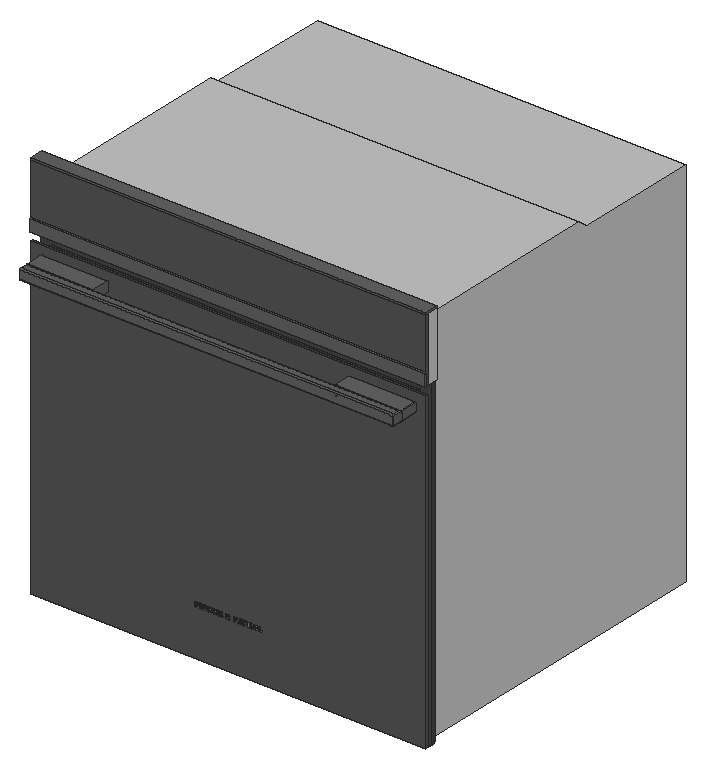
Revit family "FP_Revit_18_OB24SDPTB1_Oven_90000931A", category Specialty Equipment, Revit 2018
Family settings
  Round Connector Dimension = Use Diameter
  Part Type = Normal
  OmniClass Number = 23.40.40.14.17.11
  OmniClass Title = Cookers, Ovens, Stoves
  Work Plane-Based = No
  Always vertical = Yes
  Cut with Voids When Loaded = Yes
  Shared = No
  Room Calculation Point = No
Parameters (values of type "OB24SDPTB1")
  Visibility - Clearance Required = yes
  URL = "www.fisherpaykel.com"
  Product - Width = 596 mm  # constant formula
  Product - Height = 598 mm  # constant formula
  Product - Depth = 565 mm  # constant formula
  Model = "OB24SDPTB1"
  Material - Trim = Fisher & Paykel - Aluminium, Dark
  Material - Structure = Fisher & Paykel - Black
  Material - Handle = Fisher & Paykel - Aluminium, Dark
  Material - Glass = Fisher & Paykel - Glass, Black
  Material - Buttons and Dials = Fisher & Paykel - Black
  Material - Body = Fisher & Paykel - Grey
  Manufacturer = "Fisher & Paykel Appliances"
  FFL Offset [instance] = 200 mm
  Description = "24\" Built-In Oven"
  Connector Note - Electrical = "208 V or 240 V, 16.6 - 19.4 A"
  Chassis - Width = 556 mm  # constant formula
  Chassis - Height = 575 mm  # constant formula
  Chassis - Depth = 545 mm  # constant formula
  Cavity - Width = 600 mm  # constant formula
  Cavity - Height = 600 mm  # constant formula
  Cavity - Depth = 550 mm  # constant formula
Reference planes
  plane 1 "Datum": y = 0
  plane 2: z = 0
  plane 3 "Center (Left/Right)": x = 0
  plane 4 "Cavity": z = 780
  plane 5 "Product Height": z = 798
  plane 6 "Product LHS": x = -298
  plane 7 "Product RHS": x = 298
  plane 8 "Cavity LHS": x = -300
  plane 9 "Cavity RHS": x = 300
  plane 10 "Cavity - Depth": y = 550
  plane 11 "Product Depth": y = 545
  plane 12 "Front Face": y = -20
  plane 13 "Dial": x = 154.861
  plane 14 "FFL Offset": z = 200
  plane 15 "Cavity Height": z = 800
Forms (mm)
  Extrusion 1, solid, material "Fisher & Paykel - Grey" <- "Material - Body"
    sketch origin (0, 0, 0) x (0, 1, 0) y (0, 0, 1)
      loop
        line (0, 200) -> (525, 200) -> (525, 393.99) -> (545, 413.99) -> (545, 609.73) -> (495, 659.73) -> (495, 764.6) -> (307.721, 764.6) -> (293.958, 775) -> (0, 775) -> (0, 200)
    from -278 to 278
  Extrusion 2, void
    sketch origin (0, 0, 0) x (1, 0, 0) y (0, 1, 0)
      loop
        line (-278, 495) -> (-229.13, 495) -> (-179.13, 545) -> (-278, 545) -> (-278, 495)
      loop
        line (278, 495) -> (278, 545) -> (94.617, 545) -> (114.617, 525) -> (199.13, 525) -> (229.13, 495) -> (278, 495)
    from 200 to 764.6
  Extrusion 3, solid, material "Fisher & Paykel - Aluminium, Dark" <- "Material - Trim"
    sketch origin (0, 0, 0) x (0, 1, 0) y (0, 0, 1)
      loop
        line (0, 798) -> (-20.5, 798) -> (-20.5, 795.1) -> (0, 795.1) -> (0, 798)
    from -298 to 298
  Extrusion 4, solid, material "Fisher & Paykel - Grey" <- "Material - Body"
    sketch origin (0, 0, 0) x (0, 1, 0) y (0, 0, 1)
      loop
        line (-16, 795.1) -> (-16, 698) -> (0, 698) -> (0, 795.1) -> (-16, 795.1)
    from -298 to 298
  Extrusion 5, solid, material "Fisher & Paykel - Glass, Black" <- "Material - Glass"
    sketch origin (0, 0, 0) x (1, 0, 0) y (0, 0, 1)
      loop
        line (-298, 685.2) -> (-298, 208.6) -> (298, 208.6) -> (298, 685.2) -> (-298, 685.2)
      loop
        line (-298, 698) -> (298, 698) -> (298, 794.5) -> (-298, 794.5) -> (-298, 698)
    from 16 to 20
  Extrusion 6, solid, material "Fisher & Paykel - Black" <- "Material - Structure"
    sketch origin (0, 0, 0) x (0, 1, 0) y (0, 0, 1)
      loop
        line (-13.8, 683.7) -> (-16, 683.7) -> (-16, 224.7) -> (-5, 224.7) -> (-5, 680.497) -> (-13.8, 683.7)
    from -277 to 277
  Extrusion 7, solid, material "Fisher & Paykel - Black" <- "Material - Structure"
    sketch origin (0, 0, 0) x (1, 0, 0) y (0, 0, 1)
      loop
        line (-295, 698) -> (-295, 209.536)
        arc (-295, 209.536) -> (-292.207, 202.793) -> (-285.464, 200) r 9.536
        line (-285.464, 200) -> (285.5, 200)
        arc (285.5, 200) -> (292.218, 202.782) -> (295, 209.5) r 9.5
        line (295, 209.5) -> (295, 698) -> (-295, 698)
    from 0 to 5
  Sweep 8, solid, material "Fisher & Paykel - Black"
    path origin (-195.035, 0, 0) x (0, 1, 0) y (0, 0, 1)
      loop
        line (478.272, 708.8) -> (498.6, 708.8)
        arc (498.6, 708.8) -> (507.085, 705.285) -> (510.6, 696.8) r 12
        line (510.6, 696.8) -> (510.6, 678.8)
    profile origin (-195.035, 488.436, 708.8) x (0, 0, 1) y (1, 0, 0)
      loop
        line (0, 11) -> (-11, 11) -> (-11, -11) -> (0, -11)
        arc (0, -11) -> (11, 0) -> (0, 11) r 11
  Extrusion 9, solid, material "Fisher & Paykel - Clearance Required", visible <- "Visibility - Clearance Required", detail levels coarse
    sketch origin (0, 0, 0) x (0, 1, 0) y (0, 0, 1)
      loop
        line (-21.6, 227.528) -> (-21.6, 200) -> (0, 200) -> (0, 800) -> (-21.6, 800) -> (-21.6, 685.18)
        arc (-21.6, 685.18) -> (-333.147, 559.899) -> (-479.9, 257.872) r 466.605
        line (-479.9, 257.872) -> (-465.169, 256.897) -> (-467.944, 214.989) -> (-455.498, 214.164) -> (-452.723, 256.073) -> (-21.6, 227.528)
    from -300 to 300
  Extrusion 10, solid, material "Fisher & Paykel - Clearance Required", visible <- "Visibility - Clearance Required", detail levels coarse
    sketch origin (0, 0, 0) x (1, 0, 0) y (0, 1, 0)
      loop
        line (-280, 0) -> (280, 0) -> (280, 550) -> (-280, 550) -> (-280, 0)
    from 200 to 780
  Extrusion 11, void
    sketch origin (0, 0, 0) x (1, 0, 0) y (0, 1, 0)
      loop
        line (-300, -21.6) -> (300, -21.6) -> (300, 0) -> (-300, 0) -> (-300, -21.6)
    from 200 to 800
  Extrusion 12, solid, material "Fisher & Paykel - Aluminium, Dark" <- "Material - Trim", detail levels fine
    sketch origin (0, 0, 0) x (0, 1, 0) y (0, 0, 1)
      loop
        line (-21.7, 715.525) -> (-21.7, 698) -> (-20, 698) -> (-20, 717.528) -> (-21.7, 715.525)
    from -298 to 298
  Extrusion 13, void
    sketch origin (0, 0, 0) x (1, 0, 0) y (0, 1, 0)
      loop
        line (-280, 550) -> (-280, 0) -> (280, 0) -> (280, 550) -> (-280, 550)
    from 200 to 780
Cuts and joins
  Extrusion 2 cuts Extrusion 1
Lines and regions (mm)
  model lines, style "Fisher & Paykel"
    curve 1: line (217.5, -20, 334.2) -> (-217.5, -20, 334.2)
    curve 2: line (217.5, -20, 617.436) -> (217.5, -20, 334.2)
    curve 3: line (-217.5, -20, 617.436) -> (217.5, -20, 617.436)
    curve 4: line (-217.5, -20, 334.2) -> (-217.5, -20, 617.436)
Text (mm)
  text "Disclaimer:\nWe endeavor to maintain the accuracy of our 3D content.\nHowever, product details are subject to change without notice.\nPlease refer to the product Data Sheets for the most current product information." at (41.04, -568.295, 0), in view "Ref. Level (Plan)"
Dimensions and locks
  equal spacing: plane 6 "Product LHS", plane 3 "Center (Left/Right)", plane 7 "Product RHS"
  "Product - Width": plane 6 "Product LHS" to plane 7 "Product RHS"
  equal spacing: plane 8 "Cavity LHS", plane 3 "Center (Left/Right)", plane 9 "Cavity RHS"
  "Cavity - Width": plane 8 "Cavity LHS" to plane 9 "Cavity RHS"
  "Cavity - Depth": plane 10 "Cavity - Depth" to plane 1 "Datum"
  "Chassis - Depth": plane 11 "Product Depth" to plane 1 "Datum"
  plane 12 "Front Face" to plane 1 "Datum" = 20 mm
  "Product - Depth": plane 11 "Product Depth" to plane 12 "Front Face"
  "Chassis - Width": cut or joined group of Extrusion 1, Extrusion 2 to cut or joined group of Extrusion 1, Extrusion 2
  "FFL Offset": plane 14 "FFL Offset" to level
  "Product - Height": plane 5 "Product Height" to plane 14 "FFL Offset"
  "Cavity - Height": Extrusion 9 to plane 14 "FFL Offset"
  locked: plane 5 "Product Height" to nested 2 at 125.765
  locked: plane 4 "Cavity" to plane 14 "FFL Offset" at 580
  locked: nested 1 to plane 14 "FFL Offset" at 78.956
  locked: Extrusion 5 to plane 14 "FFL Offset" at 8.6
  locked: Extrusion 6 to plane 14 "FFL Offset" at 24.7
  "Cavity - Height": plane 15 "Cavity Height" to plane 14 "FFL Offset"
  locked: cut or joined group of Extrusion 1, Extrusion 2 to plane 14 "FFL Offset" at 564.6
  locked: curve 1 to plane 14 "FFL Offset" at 134.2
  locked: curve 3 to plane 14 "FFL Offset" at 417.436
  aligned and locked: level to plane 2
  aligned and locked: plane 8 "Cavity LHS" to Extrusion 9
  aligned and locked: Extrusion 9 to plane 9 "Cavity RHS"
  aligned and locked: Extrusion 1 sketch curve to plane 14 "FFL Offset"
  aligned and locked: Extrusion 1 to Extrusion 2
  aligned and locked: Extrusion 2 to Extrusion 1
  aligned and locked: plane 14 "FFL Offset" to Extrusion 9 sketch curve
  aligned and locked: plane 14 "FFL Offset" to Extrusion 7 sketch curve
  aligned and locked: Extrusion 13 to cut or joined group of Extrusion 1, Extrusion 2
  aligned and locked: plane 4 "Cavity" to Extrusion 13
  aligned and locked: plane 4 "Cavity" to Extrusion 10
  aligned and locked: Extrusion 10 to cut or joined group of Extrusion 1, Extrusion 2
  aligned and locked: Extrusion 11 to cut or joined group of Extrusion 1, Extrusion 2
  aligned and locked: Extrusion 11 to Extrusion 9
  aligned and locked: plane 15 "Cavity Height" to Extrusion 11
Automatic sketch dimensions
  Extrusion 2 sketch curve to plane 11 "Product Depth" = 0 mm  (x2)
  Extrusion 2 sketch curve to plane 6 "Product LHS" = 20 mm
  Extrusion 2 sketch curve to Extrusion 2 sketch curve = 48.87 mm
  Extrusion 2 sketch curve to Extrusion 2 sketch curve = 50 mm  (x3)
  plane 3 "Center (Left/Right)" to Extrusion 2 sketch curve = 94.617 mm
  Extrusion 2 sketch curve to Extrusion 2 sketch curve = 20 mm
  Extrusion 2 sketch curve to plane 11 "Product Depth" = 20 mm
  Extrusion 2 sketch curve to Extrusion 2 sketch curve = 84.513 mm
  Extrusion 2 sketch curve to Extrusion 2 sketch curve = 30 mm
  plane 7 "Product RHS" to Extrusion 2 sketch curve = 20 mm
  Extrusion 3 sketch curve to plane 1 "Datum" = 0 mm
  Extrusion 3 sketch curve to plane 12 "Front Face" = 0.5 mm
  Extrusion 3 sketch curve to plane 5 "Product Height" = 2.9 mm
  plane 5 "Product Height" to Extrusion 3 sketch curve = 0 mm
  Extrusion 4 sketch curve to plane 1 "Datum" = 0 mm
  plane 12 "Front Face" to Extrusion 4 sketch curve = 4 mm
  Extrusion 4 sketch curve to plane 4 "Cavity" = 82 mm
  Extrusion 4 sketch curve to plane 5 "Product Height" = 2.9 mm
  plane 6 "Product LHS" to Extrusion 5 sketch curve = 0 mm  (x2)
  plane 7 "Product RHS" to Extrusion 5 sketch curve = 0 mm  (x2)
  level to Extrusion 5 sketch curve = 208.6 mm
  Extrusion 5 sketch curve to plane 4 "Cavity" = 94.8 mm
  Extrusion 5 sketch curve to Extrusion 5 sketch curve = 12.8 mm
  Extrusion 5 sketch curve to plane 5 "Product Height" = 3.5 mm
  plane 12 "Front Face" to Extrusion 6 sketch curve = 4 mm
  Extrusion 6 sketch curve to Extrusion 6 sketch curve = 2.2 mm
  plane 1 "Datum" to Extrusion 6 sketch curve = 5 mm
  level to Extrusion 6 sketch curve = 224.7 mm
  Extrusion 6 sketch curve to plane 4 "Cavity" = 99.503 mm
  Extrusion 6 sketch curve to Extrusion 6 sketch curve = 3.203 mm
  plane 7 "Product RHS" to curve 2 = 80.5 mm
  curve 4 to plane 6 "Product LHS" = 80.5 mm
  Sweep 8 sketch curve to plane 11 "Product Depth" = 46.4 mm
  Sweep 8 sketch curve to Sweep 8 sketch curve = 12 mm
  Sweep 8 sketch curve to plane 4 "Cavity" = 83.2 mm
  Sweep 8 sketch curve to Sweep 8 sketch curve = 20.328 mm
  Sweep 8 sketch curve to Sweep 8 sketch curve = 18 mm
  Sweep 8 sketch curve to profile plane = 0 mm  (x2)
  Sweep 8 sketch curve to Sweep 8 sketch curve = 11 mm
  Sweep 8 sketch curve to profile plane = 11 mm
  Extrusion 10 sketch curve to plane 10 "Cavity - Depth" = 0 mm
  plane 1 "Datum" to Extrusion 10 sketch curve = 0 mm
  Extrusion 10 sketch curve to plane 6 "Product LHS" = 18 mm
  plane 7 "Product RHS" to Extrusion 10 sketch curve = 18 mm
  plane 1 "Datum" to Extrusion 11 sketch curve = 0 mm
  Extrusion 11 sketch curve to plane 8 "Cavity LHS" = 0 mm
  Extrusion 11 sketch curve to plane 9 "Cavity RHS" = 0 mm
  Extrusion 11 sketch curve to plane 12 "Front Face" = 1.6 mm
  Extrusion 12 sketch curve to plane 12 "Front Face" = 0 mm
  Extrusion 12 sketch curve to Extrusion 12 sketch curve = 1.7 mm
  Extrusion 12 sketch curve to plane 4 "Cavity" = 82 mm
  Extrusion 12 sketch curve to Extrusion 12 sketch curve = 17.525 mm
  Extrusion 12 sketch curve to Extrusion 12 sketch curve = 2.002 mm
  plane 1 "Datum" to Extrusion 13 sketch curve = 0 mm
  Extrusion 13 sketch curve to plane 10 "Cavity - Depth" = 0 mm
  Extrusion 13 sketch curve to plane 6 "Product LHS" = 18 mm
  plane 7 "Product RHS" to Extrusion 13 sketch curve = 18 mm
  Extrusion 1 sketch curve to plane 1 "Datum" = 0 mm
  Extrusion 1 sketch curve to plane 11 "Product Depth" = 0 mm
  Extrusion 1 sketch curve to plane 4 "Cavity" = 5 mm
  Extrusion 1 sketch curve to plane 11 "Product Depth" = 251.042 mm
  Extrusion 1 sketch curve to Extrusion 1 sketch curve = 13.762 mm
  Extrusion 1 sketch curve to plane 4 "Cavity" = 15.4 mm
  Extrusion 1 sketch curve to plane 11 "Product Depth" = 50 mm
  Extrusion 1 sketch curve to plane 11 "Product Depth" = 20 mm
  plane 14 "FFL Offset" to Extrusion 1 sketch curve = 193.99 mm
  Extrusion 1 sketch curve to Extrusion 1 sketch curve = 20 mm
  Extrusion 1 sketch curve to Extrusion 1 sketch curve = 154.87 mm
  Extrusion 1 sketch curve to Extrusion 1 sketch curve = 50 mm
  Extrusion 9 sketch curve to plane 1 "Datum" = 0 mm
  plane 12 "Front Face" to Extrusion 9 sketch curve = 5.051 mm
  Extrusion 9 sketch curve to plane 12 "Front Face" = 1.6 mm  (x2)
  plane 14 "FFL Offset" to Extrusion 9 sketch curve = 56.073 mm
  Extrusion 9 sketch curve to Extrusion 9 sketch curve = 431.123 mm
  plane 14 "FFL Offset" to Extrusion 9 sketch curve = 14.164 mm
  Extrusion 9 sketch curve to Extrusion 9 sketch curve = 2.775 mm
  plane 14 "FFL Offset" to Extrusion 9 sketch curve = 56.897 mm
  Extrusion 9 sketch curve to Extrusion 9 sketch curve = 12.446 mm
  plane 14 "FFL Offset" to Extrusion 9 sketch curve = 57.872 mm
  Extrusion 9 sketch curve to Extrusion 9 sketch curve = 8.905 mm
  plane 5 "Product Height" to Extrusion 9 sketch curve = 2 mm
  Extrusion 7 sketch curve to plane 6 "Product LHS" = 3 mm
  plane 14 "FFL Offset" to Extrusion 7 sketch curve = 9.536 mm
  plane 7 "Product RHS" to Extrusion 7 sketch curve = 12.5 mm
  plane 7 "Product RHS" to Extrusion 7 sketch curve = 3 mm
  Extrusion 7 sketch curve to plane 4 "Cavity" = 82 mm
Nested families
  nested 1: "F&P Logo 100mm" at (0, -20, 278.956), type "Grey", detail levels fine
  nested 2: "F&P Handle Contemporary Square OB60-24" at (0, -20, 664.257), type "Aluminium Dark"
Connectors
  electrical at (-195.035, 505.1, 678.8), driven by "Connector Note - Electrical"
    settings: on Sweep 8, index 1, voltage 120 V, apparent load 0 VA, apparent load phase1 0 VA, apparent load phase2 0 VA, apparent load phase3 0 VA, power factor 1, load classification "Other", number of poles 2, system type 30, power factor state 1, is connector primary yes, connector utility no, sub classification motor no, connector description "208 V or 240 V, 16.6 - 19.4 A"
Definition of nested family "F&P Logo 100mm"
  Parameters (values of type "Chrome")
    URL = "www.fisherpaykel.com"
    Material - Logo = none
    Manufacturer = "Fisher & Paykel Appliances"
  Types (3): name
    (no name)
    Chrome
    Grey
  Reference planes
    plane 1 "Center (Front/Back)": y = 0
    plane 2: z = 0
    plane 3 "Center (Left/Right)": x = 0
  Forms (mm)
    Extrusion 1, solid, material <- "Material - Logo", detail levels fine
      sketch origin (0, 0, 0) x (1, 0, 0) y (0, 0, 1)
        loop
          line (-50.044, 0) -> (-48.47, 0) -> (-48.47, 2.138) -> (-46.011, 2.138) -> (-46.011, 3.472) -> (-48.47, 3.472) -> (-48.47, 4.712) -> (-45.795, 4.712) -> (-45.795, 6.04) -> (-50.044, 6.04) -> (-50.044, 0)
        loop
          line (-42.804, 6.04) -> (-42.804, 0) -> (-41.23, 0) -> (-41.23, 6.04) -> (-42.804, 6.04)
        loop
          line (-30.724, 6.04) -> (-30.724, 0) -> (-29.151, 0) -> (-29.151, 2.42) -> (-26.839, 2.42) -> (-26.839, 0) -> (-25.265, 0) -> (-25.265, 6.04) -> (-26.839, 6.04) -> (-26.839, 3.748) -> (-29.151, 3.748) -> (-29.151, 6.04) -> (-30.724, 6.04)
        loop
          line (-21.906, 6.04) -> (-21.906, 0) -> (-17.602, 0) -> (-17.602, 1.328) -> (-20.347, 1.328) -> (-20.347, 2.42) -> (-17.838, 2.42) -> (-17.838, 3.748) -> (-20.347, 3.748) -> (-20.347, 4.712) -> (-17.602, 4.712) -> (-17.602, 6.04) -> (-21.906, 6.04)
        loop
          line (45.667, 6.04) -> (45.667, 0) -> (49.956, 0) -> (49.956, 1.328) -> (47.241, 1.328) -> (47.241, 6.04) -> (45.667, 6.04)
        loop
          line (42.431, 6.04) -> (38.112, 6.04) -> (38.112, 0) -> (42.431, 0) -> (42.431, 1.328) -> (39.687, 1.328) -> (39.687, 2.42) -> (42.195, 2.42) -> (42.195, 3.748) -> (39.687, 3.748) -> (39.687, 4.712) -> (42.431, 4.712) -> (42.431, 6.04)
        loop
          line (33.451, 3.148) -> (35.683, 6.04) -> (33.844, 6.04) -> (31.915, 3.542) -> (31.915, 6.04) -> (30.342, 6.04) -> (30.342, 0) -> (31.915, 0) -> (31.915, 2.705) -> (33.903, 0) -> (35.763, 0) -> (33.451, 3.148)
        loop
          line (21.98, 6.04) -> (24.262, 2.42) -> (24.262, 0) -> (25.837, 0) -> (25.837, 2.341) -> (28.119, 6.04) -> (26.446, 6.04) -> (25.099, 3.707) -> (23.753, 6.04) -> (21.98, 6.04)
        loop
          line (18.479, 6.04) -> (16.983, 6.04) -> (14.524, 0) -> (16.069, 0) -> (16.501, 1.112) -> (18.921, 1.112) -> (19.354, 0) -> (20.938, 0) -> (18.479, 6.04)
        loop
          line (18.4, 2.439) -> (17.693, 4.174) -> (17.018, 2.439) -> (18.4, 2.439)
        loop
          line (8.031, 6.04) -> (8.031, 0) -> (9.605, 0) -> (9.605, 1.938) -> (10.599, 1.938)
          arc (10.599, 1.938) -> (12.65, 3.989) -> (10.599, 6.04) r 2.051
          line (10.599, 6.04) -> (8.031, 6.04)
        loop
          line (9.605, 4.712) -> (9.605, 3.197) -> (10.501, 3.197)
          arc (10.501, 3.197) -> (11.259, 3.954) -> (10.501, 4.712) r 0.757
          line (10.501, 4.712) -> (9.605, 4.712)
        loop
          line (-11.783, 6.04) -> (-14.366, 6.04) -> (-14.366, 0) -> (-12.792, 0) -> (-12.792, 1.336) -> (-11.992, 1.336) -> (-10.972, 0) -> (-9.153, 0) -> (-10.694, 1.973)
          arc (-10.694, 1.973) -> (-9.678, 4.424) -> (-11.783, 6.04) r 2.179
        loop
          line (-11.897, 4.712) -> (-12.792, 4.712) -> (-12.792, 3.053) -> (-11.897, 3.053)
          arc (-11.897, 3.053) -> (-11.068, 3.882) -> (-11.897, 4.712) r 0.83
        loop
          line (0.477, 4.712) -> (0.477, 6.153) -> (-3.575, 6.153) -> (-3.575, 4.851) -> (-2.974, 4.112)
          arc (-2.974, 4.112) -> (-3.51, 0.684) -> (-0.045, 0.512) r 2.334
          line (-0.045, 0.512) -> (0.46, -0.109) -> (2.246, -0.109) -> (0.86, 1.594) -> (2.061, 3.324) -> (0.443, 3.324) -> (-0.013, 2.667) -> (-1.677, 4.712) -> (0.477, 4.712)
        loop
          arc (-2.125, 3.068) -> (-2.269, 1.668) -> (-0.868, 1.524) r 0.996
          line (-0.868, 1.524) -> (-2.125, 3.068)
        loop
          line (-35.18, 3.634) -> (-36.516, 3.91)
          arc (-36.516, 3.91) -> (-37.049, 4.443) -> (-36.516, 4.976) r 0.533
          arc (-36.516, 4.976) -> (-35.235, 4.79) -> (-34.059, 4.248) r 4.505
          line (-34.059, 4.248) -> (-34.059, 5.743)
          arc (-34.059, 5.743) -> (-35.549, 6.179) -> (-37.1, 6.109) r 4.726
          arc (-37.1, 6.109) -> (-38.536, 4.335) -> (-37.1, 2.561) r 1.814
          line (-37.1, 2.561) -> (-35.754, 2.282)
          arc (-35.754, 2.282) -> (-35.221, 1.749) -> (-35.754, 1.216) r 0.533
          arc (-35.754, 1.216) -> (-37.035, 1.402) -> (-38.211, 1.945) r 4.505
          line (-38.211, 1.945) -> (-38.211, 0.449)
          arc (-38.211, 0.449) -> (-36.72, 0.013) -> (-35.169, 0.083) r 4.726
          arc (-35.169, 0.083) -> (-33.734, 1.863) -> (-35.18, 3.634) r 1.814
      from 0 to 0.8
  Dimensions and locks
    aligned and locked: level to plane 2
Definition of nested family "F&P Handle Contemporary Square OB60-24"
  Parameters (values of type "Aluminium Dark")
    URL = "www.fisherpaykel.com"
    Material - Handle = none
    Manufacturer = "Fisher & Paykel Appliances"
    Handle - Length = 565 mm
  Types (2): name
    Aluminium
    Aluminium Dark
  Reference planes
    plane 1 "Center (Front/Back)": y = 0
    plane 2: z = 0
    plane 3 "Center (Left/Right)": x = 0
    plane 4 "Product LHS": x = -282.5
    plane 5 "Product RHS": x = 282.5
    plane 6 "LHS Standoff": x = -182.495
    plane 7 "RHS Standoff": x = 182.505
  Forms (mm)
    Extrusion 1, solid, material <- "Material - Handle", detail levels fine
      sketch origin (0, 0, 0) x (0, 1, 0) y (0, 0, 1)
        loop
          arc (-28.701, 7.561) -> (-29.057, 7.868) -> (-29.514, 7.978) r 1
          line (-29.514, 7.978) -> (-40.5, 7.978)
          arc (-40.5, 7.978) -> (-41.561, 7.539) -> (-42, 6.478) r 1.5
          line (-42, 6.478) -> (-42, -6.522)
          arc (-42, -6.522) -> (-41.561, -7.583) -> (-40.5, -8.022) r 1.5
          line (-40.5, -8.022) -> (-29.487, -8.022)
          arc (-29.487, -8.022) -> (-29.029, -7.911) -> (-28.673, -7.602) r 1
          arc (-28.673, -7.602) -> (-26.256, -0.016) -> (-28.701, 7.561) r 13.038
      from -282.5 to 282.5
    Extrusion 2, solid, material <- "Material - Handle", detail levels fine
      sketch origin (0, 0, 0) x (0, 1, 0) y (0, 0, 1)
        loop
          arc (-28.23, 7.062) -> (-26.156, 0.008) -> (-28.198, -7.056) r 13.136
          arc (-28.198, -7.056) -> (-28.21, -7.463) -> (-27.86, -7.67) r 0.4
          line (-27.86, -7.67) -> (0, -7.67) -> (0, 7.678) -> (-27.893, 7.678)
          arc (-27.893, 7.678) -> (-28.244, 7.47) -> (-28.23, 7.062) r 0.4
      from 182.505 to 282.5
    Extrusion 3, solid, material <- "Material - Handle", detail levels fine
      sketch origin (0, 0, 0) x (0, 1, 0) y (0, 0, -1)
        loop
          arc (-28.23, -7.062) -> (-28.244, -7.47) -> (-27.893, -7.678) r 0.4
          line (-27.893, -7.678) -> (0, -7.678) -> (0, 7.67) -> (-27.86, 7.67)
          arc (-27.86, 7.67) -> (-28.21, 7.463) -> (-28.198, 7.056) r 0.4
          arc (-28.198, 7.056) -> (-26.156, -0.008) -> (-28.23, -7.062) r 13.136
      from 182.495 to 282.5
    Sweep 4, void
      path in 3D
        loop
          line (282.5, -29.514, 7.978) -> (282.5, -40.5, 7.978)
          arc (282.5, -40.5, 7.978) -> (282.5, -41.561, 7.539) -> (282.5, -42, 6.478) r 1.5
          line (282.5, -42, 6.478) -> (282.5, -42, -6.522)
          arc (282.5, -42, -6.522) -> (282.5, -41.561, -7.583) -> (282.5, -40.5, -8.022) r 1.5
          line (282.5, -40.5, -8.022) -> (282.5, -29.487, -8.022)
      profile origin (282.5, -35.007, 7.978) x (1, 0, 0) y (0, 0, 1)
        loop
          line (0, 0) -> (-1.3, 0) -> (0, -1.3) -> (0, 0)
    Sweep 5, void
      path in 3D
        loop
          line (-282.5, -29.487, -8.022) -> (-282.5, -40.5, -8.022)
          arc (-282.5, -40.5, -8.022) -> (-282.5, -41.561, -7.583) -> (-282.5, -42, -6.522) r 1.5
          line (-282.5, -42, -6.522) -> (-282.5, -42, 6.478)
          arc (-282.5, -42, 6.478) -> (-282.5, -41.561, 7.539) -> (-282.5, -40.5, 7.978) r 1.5
          line (-282.5, -40.5, 7.978) -> (-282.5, -29.514, 7.978)
      profile origin (-282.5, -35.007, 7.978) x (-1, 0, 0) y (0, 0, 1)
        loop
          line (0, 0) -> (-1.3, 0) -> (0, -1.3) -> (0, 0)
    Extrusion 6, void
      sketch origin (0, 0, 0) x (1, 0, 0) y (0, 0, 1)
        loop
          line (282.5, 7.978) -> (281.2, 7.978) -> (282.5, 6.678) -> (282.5, 7.978)
        loop
          line (282.5, -8.022) -> (282.5, -6.722) -> (281.2, -8.022) -> (282.5, -8.022)
      from 0 to 40
    Extrusion 7, void
      sketch origin (0, 0, 0) x (1, 0, 0) y (0, 0, 1)
        loop
          line (-282.5, 7.978) -> (-282.5, 6.678) -> (-281.2, 7.978) -> (-282.5, 7.978)
        loop
          line (-282.5, -8.022) -> (-281.2, -8.022) -> (-282.5, -6.722) -> (-282.5, -8.022)
      from 0 to 40
    Extrusion 8, solid, material <- "Material - Handle", detail levels coarse+medium
      sketch origin (0, 0, 0) x (1, 0, 0) y (0, 1, 0)
        loop
          line (-282.5, -42) -> (282.5, -42) -> (282.5, 0) -> (182.505, 0) -> (182.505, -26.156) -> (-182.495, -26.156) -> (-182.495, 0) -> (-282.5, 0) -> (-282.5, -42)
      from -8.022 to 7.978
  Cuts and joins
    Sweep 4, Sweep 5, Extrusion 6, Extrusion 7 cuts Extrusion 1
    Extrusion 6 cuts Extrusion 2
    Extrusion 7 cuts Extrusion 3
  Lines and regions (mm)
    sketch lines
      curve 1: line (282.5, -29.514, 7.978) -> (282.5, -40.5, 7.978)
      curve 2: arc (282.5, -42, 6.478) -> (282.5, -41.561, 7.539) -> (282.5, -40.5, 7.978) r 1.5
      curve 3: line (282.5, -42, 6.478) -> (282.5, -42, -6.522)
      curve 4: arc (282.5, -40.5, -8.022) -> (282.5, -41.561, -7.583) -> (282.5, -42, -6.522) r 1.5
      curve 5: line (282.5, -40.5, -8.022) -> (282.5, -29.487, -8.022)
      curve 6: line (-282.5, -40.5, 7.978) -> (-282.5, -29.514, 7.978)
      curve 7: arc (-282.5, -40.5, 7.978) -> (-282.5, -41.561, 7.539) -> (-282.5, -42, 6.478) r 1.5
      curve 8: line (-282.5, -42, -6.522) -> (-282.5, -42, 6.478)
      curve 9: arc (-282.5, -42, -6.522) -> (-282.5, -41.561, -7.583) -> (-282.5, -40.5, -8.022) r 1.5
      curve 10: line (-282.5, -29.487, -8.022) -> (-282.5, -40.5, -8.022)
  Dimensions and locks
    equal spacing: plane 4 "Product LHS", plane 3 "Center (Left/Right)", plane 5 "Product RHS"
    "Handle - Length": plane 4 "Product LHS" to plane 5 "Product RHS"
    locked: plane 4 "Product LHS" to plane 6 "LHS Standoff" at 100.005
    locked: plane 7 "RHS Standoff" to plane 5 "Product RHS" at 99.995
    aligned and locked: level to plane 2
    aligned and locked: Extrusion 1 to plane 5 "Product RHS"
    aligned and locked: plane 4 "Product LHS" to Extrusion 1
    aligned and locked: Extrusion 2 to plane 5 "Product RHS"
    aligned and locked: plane 4 "Product LHS" to Extrusion 3
    aligned and locked: plane 4 "Product LHS" to Extrusion 8 sketch curve
    aligned and locked: Extrusion 8 sketch curve to plane 5 "Product RHS"
    aligned and locked: Extrusion 8 sketch curve to plane 7 "RHS Standoff"
    aligned and locked: plane 6 "LHS Standoff" to Extrusion 8 sketch curve
    aligned and locked: Extrusion 2 to plane 7 "RHS Standoff"
    aligned and locked: plane 6 "LHS Standoff" to Extrusion 3
  Automatic sketch dimensions
    Extrusion 1 sketch curve to level = 6.522 mm
    plane 1 "Center (Front/Back)" to Extrusion 1 sketch curve = 42 mm
    Extrusion 1 sketch curve to Extrusion 1 sketch curve = 1.5 mm  (x2)
    Extrusion 1 sketch curve to level = 0.04 mm
    Extrusion 1 sketch curve to Extrusion 1 sketch curve = 1.206 mm
    level to Extrusion 1 sketch curve = 6.978 mm
    Extrusion 1 sketch curve to Extrusion 1 sketch curve = 10.986 mm
    Extrusion 1 sketch curve to Extrusion 1 sketch curve = 11.013 mm
    Extrusion 1 sketch curve to Extrusion 1 sketch curve = 1 mm
    level to Extrusion 1 sketch curve = 6.478 mm
    Extrusion 1 sketch curve to Extrusion 1 sketch curve = 0 mm
    Extrusion 2 sketch curve to plane 1 "Center (Front/Back)" = 0 mm
    Extrusion 2 sketch curve to level = 7.67 mm
    Extrusion 2 sketch curve to Extrusion 2 sketch curve = 27.86 mm
    level to Extrusion 2 sketch curve = 7.678 mm
    Extrusion 2 sketch curve to Extrusion 2 sketch curve = 0.033 mm
    Extrusion 2 sketch curve to level = 0.022 mm
    Extrusion 2 sketch curve to Extrusion 2 sketch curve = 11.398 mm
    Extrusion 2 sketch curve to Extrusion 2 sketch curve = 0.4 mm  (x2)
    Extrusion 2 sketch curve to Extrusion 2 sketch curve = 0 mm
    Extrusion 3 sketch curve to plane 1 "Center (Front/Back)" = 0 mm
    Extrusion 3 sketch curve to level = 7.67 mm
    Extrusion 3 sketch curve to Extrusion 3 sketch curve = 27.86 mm
    level to Extrusion 3 sketch curve = 7.678 mm
    Extrusion 3 sketch curve to Extrusion 3 sketch curve = 0.033 mm
    Extrusion 3 sketch curve to level = 0.022 mm
    Extrusion 3 sketch curve to Extrusion 3 sketch curve = 11.398 mm
    Extrusion 3 sketch curve to Extrusion 3 sketch curve = 0.4 mm  (x2)
    Extrusion 3 sketch curve to Extrusion 3 sketch curve = 0 mm
    profile plane to Sweep 4 sketch curve = 0 mm
    Sweep 4 sketch curve to profile plane = 0 mm
    Sweep 4 sketch curve to profile plane = 1.3 mm
    profile plane to Sweep 4 sketch curve = 1.3 mm
    Sweep 5 sketch curve to profile plane = 0 mm  (x2)
    profile plane to Sweep 5 sketch curve = 1.3 mm
    Sweep 5 sketch curve to profile plane = 1.3 mm
    plane 5 "Product RHS" to Extrusion 6 sketch curve = 0 mm  (x2)
    Extrusion 6 sketch curve to Extrusion 6 sketch curve = 1.3 mm  (x4)
    Extrusion 6 sketch curve to level = 6.722 mm
    level to Extrusion 6 sketch curve = 6.678 mm
    plane 4 "Product LHS" to Extrusion 7 sketch curve = 0 mm  (x2)
    Extrusion 7 sketch curve to plane 4 "Product LHS" = 1.3 mm  (x2)
    Extrusion 7 sketch curve to level = 8.022 mm
    level to Extrusion 7 sketch curve = 6.678 mm
    Extrusion 7 sketch curve to Extrusion 7 sketch curve = 1.3 mm  (x2)
    plane 1 "Center (Front/Back)" to Extrusion 8 sketch curve = 0 mm  (x2)
    Extrusion 8 sketch curve to Extrusion 8 sketch curve = 26.156 mm
    Extrusion 8 sketch curve to Extrusion 8 sketch curve = 42 mm
